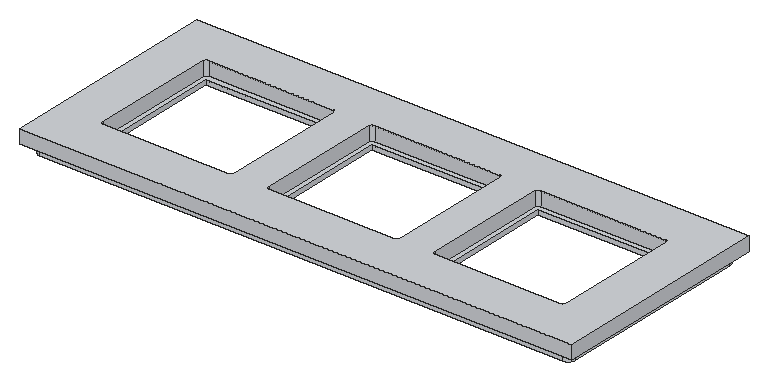
Revit family "Gira_0213219", category Electrical Fixtures, host Face, Revit 2017
Family settings
  Host = Face
  Maintain Annotation Orientation = No
  Round Connector Dimension = Use Diameter
  Part Type = Normal
  Cut with Voids When Loaded = No
  Shared = No
  Room Calculation Point = No
Parameters (values of type "Cov.fr. 3-g Gira Esprit stainl.steel")
  With mounting grid = "No"
  With hinged lid = "No"
  URL = "http://katalog.gira.de/en/datenblatt.html?artikelnr=0213219"
  Type of fastening = "Clamp mounting"
  Transparent = "No"
  Surface protection = "Other"
  Suitable for wall duct = "No"
  Suitable for flush-mounted installation = "Yes"
  Suitable for floor box = "No"
  Suitable for built-in installation = "No"
  Number of units vertical = "3"
  Number of units horizontal = "3"
  Number of units = "3"
  Name = "Cov.fr. 3-g Gira Esprit stainl.steel"
  Mounting direction = "Horizontal and vertical"
  Material quality = "Stainless steel"
  Material = "Metal"
  Manufacturer URL = "https://www.gira.de/"
  Manufacturer = "Gira"
  Label space/information surface = "No"
  Keynote = ""
  HeinzeBIM = "https://bimportal.heinze.de/bim/cov-fr-3-g-gira-esprit-stainl-steel/932f39a9644630771bef99dfdf8854bc0c07cadb"
  Halogen free = "No"
  HAN = "0213219"
  GTIN = "4010337015789"
  Description = "Cov.fr.3g Espr. SST,Gira Esprit cover frame,Stainless steel,3-gang,Features:,- Brushed stainless steel."
  Degree of protection (IP) = "IP20"
  Default Elevation = 1219.2 mm
  Data sheet (1) = "https://katalog.gira.de/en/download.html?artikelnr=0213219"
  Colour = "Stainless steel"
  Category = "Cover frame for domestic switching devices"
  BIM (1) = "https://media.stage.bim.site/public/gira/36a6b08/Espr._Rahmen_3fach.rfa"
  Available = "No"
Reference planes
  plane 1 "Center (Front/Back)": y = 0
  plane 2: z = 0
  plane 3 "Center (Left/Right)": x = 0
Forms (mm)
  Extrusion 1, solid, detail levels fine
    sketch origin (0, 0, 0) x (1, 0, 0) y (0, 1, 0)
      loop
        line (-118.4, 47.5) -> (-118.4, -47.5) -> (118.4, -47.5) -> (118.4, 47.5) -> (-118.4, 47.5)
      loop
        arc (-99.5, -26.7) -> (-99.061, -27.761) -> (-98, -28.2) r 1.5
        line (-98, -28.2) -> (-44.6, -28.2)
        arc (-44.6, -28.2) -> (-43.539, -27.761) -> (-43.1, -26.7) r 1.5
        line (-43.1, -26.7) -> (-43.1, 26.7)
        arc (-43.1, 26.7) -> (-43.539, 27.761) -> (-44.6, 28.2) r 1.5
        line (-44.6, 28.2) -> (-98, 28.2)
        arc (-98, 28.2) -> (-99.061, 27.761) -> (-99.5, 26.7) r 1.5
        line (-99.5, 26.7) -> (-99.5, -26.7)
      loop
        arc (-28.2, -26.7) -> (-27.761, -27.761) -> (-26.7, -28.2) r 1.5
        line (-26.7, -28.2) -> (26.7, -28.2)
        arc (26.7, -28.2) -> (27.761, -27.761) -> (28.2, -26.7) r 1.5
        line (28.2, -26.7) -> (28.2, 26.7)
        arc (28.2, 26.7) -> (27.761, 27.761) -> (26.7, 28.2) r 1.5
        line (26.7, 28.2) -> (-26.7, 28.2)
        arc (-26.7, 28.2) -> (-27.761, 27.761) -> (-28.2, 26.7) r 1.5
        line (-28.2, 26.7) -> (-28.2, -26.7)
      loop
        arc (43.1, -26.7) -> (43.539, -27.761) -> (44.6, -28.2) r 1.5
        line (44.6, -28.2) -> (98, -28.2)
        arc (98, -28.2) -> (99.061, -27.761) -> (99.5, -26.7) r 1.5
        line (99.5, -26.7) -> (99.5, 26.7)
        arc (99.5, 26.7) -> (99.061, 27.761) -> (98, 28.2) r 1.5
        line (98, 28.2) -> (44.6, 28.2)
        arc (44.6, 28.2) -> (43.539, 27.761) -> (43.1, 26.7) r 1.5
        line (43.1, 26.7) -> (43.1, -26.7)
    from 0 to 6
  Extrusion 2, solid, detail levels fine
    sketch origin (0, 0, 0) x (1, 0, 0) y (0, 1, 0)
      loop
        line (-97.2, -25.7) -> (-45.4, -25.7) -> (-45.4, 25.7) -> (-97.2, 25.7) -> (-97.2, -25.7)
      loop
        line (97.2, 25.7) -> (45.4, 25.7) -> (45.4, -25.7) -> (97.2, -25.7) -> (97.2, 25.7)
      loop
        arc (-114.002, -41.3) -> (-113.474, -42.573) -> (-112.202, -43.1) r 1.8
        line (-112.202, -43.1) -> (112.202, -43.1)
        arc (112.202, -43.1) -> (113.474, -42.573) -> (114.002, -41.3) r 1.8
        line (114.002, -41.3) -> (114.002, 41.3)
        arc (114.002, 41.3) -> (113.474, 42.573) -> (112.202, 43.1) r 1.8
        line (112.202, 43.1) -> (-112.202, 43.1)
        arc (-112.202, 43.1) -> (-113.474, 42.573) -> (-114.002, 41.3) r 1.8
        line (-114.002, 41.3) -> (-114.002, -41.3)
      loop
        line (25.9, 25.7) -> (-25.9, 25.7) -> (-25.9, -25.7) -> (25.9, -25.7) -> (25.9, 25.7)
    from -1.9 to 0
  Extrusion 3, solid, detail levels fine
    sketch origin (0, 0, 0) x (1, 0, 0) y (0, 1, 0)
      loop
        arc (-112.3, 44.4) -> (-114.421, 43.521) -> (-115.3, 41.4) r 3
        line (-115.3, 41.4) -> (-115.3, -41.4)
        arc (-115.3, -41.4) -> (-114.421, -43.521) -> (-112.3, -44.4) r 3
        line (-112.3, -44.4) -> (112.3, -44.4)
        arc (112.3, -44.4) -> (114.421, -43.521) -> (115.3, -41.4) r 3
        line (115.3, -41.4) -> (115.3, 41.4)
        arc (115.3, 41.4) -> (114.421, 43.521) -> (112.3, 44.4) r 3
        line (112.3, 44.4) -> (-112.3, 44.4)
      loop
        arc (-114.1, -41.4) -> (-113.573, -42.673) -> (-112.3, -43.2) r 1.8
        line (-112.3, -43.2) -> (112.3, -43.2)
        arc (112.3, -43.2) -> (113.573, -42.673) -> (114.1, -41.4) r 1.8
        line (114.1, -41.4) -> (114.1, 41.4)
        arc (114.1, 41.4) -> (113.573, 42.673) -> (112.3, 43.2) r 1.8
        line (112.3, 43.2) -> (-112.3, 43.2)
        arc (-112.3, 43.2) -> (-113.573, 42.673) -> (-114.1, 41.4) r 1.8
        line (-114.1, 41.4) -> (-114.1, -41.4)
    from -3.7 to 0
  Extrusion 4, solid, detail levels medium
    sketch origin (0, 0, 0) x (1, 0, 0) y (0, 1, 0)
      loop
        line (-118.4, 47.5) -> (-118.4, -47.5) -> (118.4, -47.5) -> (118.4, 47.5) -> (-118.4, 47.5)
    from 0 to 6
  Extrusion 5, solid, detail levels medium
    sketch origin (0, 0, 0) x (1, 0, 0) y (0, 1, 0)
      loop
        line (-115.3, 44.4) -> (-115.3, -44.4) -> (115.3, -44.4) -> (115.3, 44.4) -> (-115.3, 44.4)
    from -3.7 to 0
  Extrusion 6, solid, detail levels coarse
    sketch origin (0, 0, 0) x (1, 0, 0) y (0, 1, 0)
      loop
        line (-118.4, 47.5) -> (-118.4, -47.5) -> (118.4, -47.5) -> (118.4, 47.5) -> (-118.4, 47.5)
    from -3.7 to 6
Dimensions and locks
  aligned and locked: plane 2 to host face
  aligned and locked: level to host face
